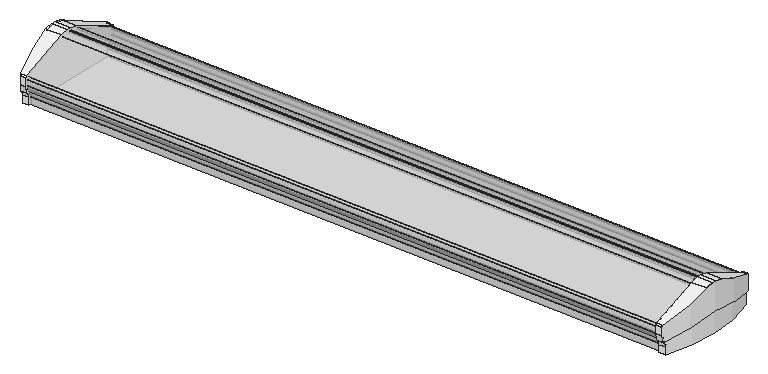
Revit family "0044883 Lighting Fixture_Sylvania_DeltaWing-LED-Electronic_Ceiling Surface", category Lighting Fixtures, host Face, Revit 2017
Family settings
  Host = Face
  Round Connector Dimension = Use Diameter
  Part Type = Normal
  OmniClass Number = 23.80.70.11.17
  OmniClass Title = Specialized Lighting by Location or Use
  Cut with Voids When Loaded = No
  Light Source = Yes
  Shared = No
  Room Calculation Point = No
Parameters (values of type "DELTAWING LED40 DALI 4K 1200")
  Width = 200.0 mm
  Weight = 3.40 kg
  Wattage = 36 W
  built-in parameter 1150110 = 1 (stored number, unit not read)
  Voltage Comments = "UNV (Universal Voltage; 220-240 Volt)"  # constant formula
  Voltage = 230 V  # constant formula
  URL = "http://www.sylvania-lighting.com"
  built-in parameter 1114217 = 1 (stored number, unit not read)
  Tilt Angle = -90.00°
  built-in parameter 1150109 = 1 (stored number, unit not read)
  built-in parameter 1150134 = 12
  Ta Rating = "-10°C  to +25°C"  # constant formula
  built-in parameter 1150113 = 1 (stored number, unit not read)
  Product Page URL = "http://www.sylvania-lighting.com/product/en-int/products/0044883"
  Product Family = "DELTAWING LED - ELECTRONIC"  # constant formula
  Photometry Comments = ""
  Photometric Web File = "0044883_DELTAWINGLED40DALI4K1200-198070.ies"
  Life = "50 000h"  # constant formula
  Length = 1218.0 mm
  LOR = "100%"
  Inrush Current (max. quantity per 16A C breaker) = "20"  # constant formula
  IP Rating = "IP44"  # constant formula
  IK Rating = "IK08"  # constant formula
  Height = 85.0 mm
  Glow Wire Test = 850 °C  # constant formula
  Glare Control = "UGR<22"
  Emit from Line Length = Length - 2.0 mm * 29  # 1160.0 mm
  Electrical Protection = "Class I"  # constant formula
  Drive Current = "250mA"
  built-in parameter 1114216 [instance] = 1 (stored number, unit not read)
  Cap Material = Plastic_Sylvania_DeltaWing_White
  Model = "DELTAWING LED40 DALI 4K 1200"
  Manufacturer = "Feilo Sylvania"
  built-in parameter 1150105 = 1278.6 (stored number, unit not read)
  Lumens = 4029.84 lm
  built-in parameter 1150115 = 1 (stored number, unit not read)
  built-in parameter 1150137 = (empty or 0)
  built-in parameter 1150139 = (empty or 0)
  built-in parameter 1150112 = 1 (stored number, unit not read)
  built-in parameter 1150114 = 1 (stored number, unit not read)
  Lamp = "\tIntegrated LED"  # constant formula
  built-in parameter 1150132 = 2
  built-in parameter 1150102 = (empty or 0)
  built-in parameter 1150107 = 4000 (stored number, unit not read)
  built-in parameter 1150138 = (empty or 0)
  built-in parameter 1150106 = 12.786 (stored number, unit not read)
  CRI (Ra) = "> 80"  # constant formula
  Body Material = Steel_Sylvania_DeltaWing_White
  built-in parameter 1150104 = 10.4 (stored number, unit not read)
  Dimming Lamp Color Temperature Shift = <None>
  Diffuser Material = Polycarbonate_Sylvania_DeltaWing_Opal_4000K
  Description = "Low profile surface and suspended LED diffuser luminaire DeltaWing LED is perfect to fulfil a wide range of applications, including educational environments, medical buildings, storage facilities and circulation areas including stairwells High performance: delivers up to 7,260lm (luminaire lumen output on 4,000K version), and up to 102lm/W (total system efficiency) Available in neutral white (4,000K) and warm white (3,000K) Smooth Polycarbonate extruded diffuser provides high efficiency, while minimising glare Precision prisms designed to optimise light output and reduce glare Options of non-dimmable, DALI, 3 hour maintained Emergency and Integrated Microwave sensor as standard Integrated Microwave sensor mounted discretely behind the diffuser helps further reduce energy and maintenance bills Suitable for suspended mounting using wire suspension kit (to be ordered seperately) BESA box connection possibility standard on product Long lifetime: 50,000 hours life at 70% of the original output L70 Energy class: A++, A+, A"  # constant formula
  Default Elevation = 0.0 mm
  Color Filter = 16777215
  Catalog Number = "0044883 DELTAWING LED40 DALI 4K 1200"
  built-in parameter 1140040 [instance] = 1
  built-in parameter 1114218 = 1 (stored number, unit not read)
  built-in parameter 1150133 = 10 (stored number, unit not read)
  Assembly Code = "D5020200"
  Apparent Load = 36 VA
Reference planes
  plane 1 "Center (Front/Back)": y = 0
  plane 2 "Fixture Top": z = 0
  plane 3 "Center (Left/Right)": x = 0
  plane 4 "Fixture Left": x = -609
  plane 5 "Fixture Right": x = 609
  plane 6 "Fixture Back": y = 100
  plane 7 "Fixture Front": y = -100
  plane 8 "Cap left": x = -580
  plane 9 "Cap Right": x = 580
  plane 10 "Lamp Plane": z = 22
  plane 11 "Fixture Bottom": z = 85
  plane 12: y = 20
  plane 13: y = -20
Forms (mm)
  Extrusion 1, solid, material "Steel_Sylvania_DeltaWing_White" <- "Body Material", detail levels fine
    sketch origin (0, 0, 0) x (0, 1, 0) y (0, 0, 1)
      loop
        line (-88.5, 0) -> (88.5, 0) -> (88.5, 13.239) -> (90.848, 22) -> (88.777, 22) -> (86.5, 13.502) -> (86.5, 2) -> (-86.5, 2) -> (-86.5, 13.502) -> (-88.777, 22) -> (-90.848, 22) -> (-88.5, 13.239) -> (-88.5, 0)
    from -580 to 580
  Extrusion 2, solid, material "Polycarbonate_Sylvania_DeltaWing_Opal_4000K" <- "Diffuser Material", detail levels fine
    sketch origin (0, 0, 0) x (0, 1, 0) y (0, 0, 1)
      loop
        line (96, 33.502) -> (94.018, 26.104) -> (92.041, 26.455) -> (88.5, 13.239) -> (88.5, 0) -> (90.5, 0) -> (90.5, 12.975) -> (93.498, 24.165) -> (95.475, 23.815) -> (98, 33.238) -> (98, 44.42)
        arc (98, 44.42) -> (97.319, 46.653) -> (95.506, 48.125) r 4
        line (95.506, 48.125) -> (16.971, 80.055)
        arc (16.971, 80.055) -> (9.581, 82.257) -> (1.906, 83) r 40
        line (1.906, 83) -> (-1.906, 83)
        arc (-1.906, 83) -> (-9.581, 82.257) -> (-16.971, 80.055) r 40
        line (-16.971, 80.055) -> (-95.506, 48.125)
        arc (-95.506, 48.125) -> (-97.319, 46.653) -> (-98, 44.42) r 4
        line (-98, 44.42) -> (-98, 33.238) -> (-95.475, 23.815) -> (-93.498, 24.165) -> (-90.5, 12.975) -> (-90.5, 0) -> (-88.5, 0) -> (-88.5, 13.239) -> (-92.041, 26.455) -> (-94.018, 26.104) -> (-96, 33.502) -> (-96, 43.074)
        arc (-96, 43.074) -> (-95.319, 45.307) -> (-93.506, 46.779) r 4
        line (-93.506, 46.779) -> (-15.978, 78.299)
        arc (-15.978, 78.299) -> (-9.922, 80.17) -> (-3.638, 81) r 37.685
        line (-3.638, 81) -> (3.638, 81)
        arc (3.638, 81) -> (9.922, 80.17) -> (15.978, 78.299) r 37.685
        line (15.978, 78.299) -> (93.506, 46.779)
        arc (93.506, 46.779) -> (95.319, 45.307) -> (96, 43.074) r 4
        line (96, 43.074) -> (96, 33.502)
    from -580 to 580
  Extrusion 3, solid, material "Steel_Sylvania_DeltaWing_White" <- "Body Material", detail levels coarse+medium
    sketch origin (0, 0, 0) x (0, 1, 0) y (0, 0, 1)
      loop
        line (-16.971, 80.055) -> (-95.506, 48.125)
        arc (-95.506, 48.125) -> (-97.319, 46.653) -> (-98, 44.42) r 4
        line (-98, 44.42) -> (-98, 33.238) -> (-95.475, 23.815) -> (-93.498, 24.165) -> (-90.5, 12.975) -> (-90.5, 0) -> (90.5, 0) -> (90.5, 12.975) -> (93.498, 24.165) -> (95.475, 23.815) -> (98, 33.238) -> (98, 44.42)
        arc (98, 44.42) -> (97.319, 46.653) -> (95.506, 48.125) r 4
        line (95.506, 48.125) -> (16.971, 80.055)
        arc (16.971, 80.055) -> (9.581, 82.257) -> (1.906, 83) r 40
        line (1.906, 83) -> (-1.906, 83)
        arc (-1.906, 83) -> (-9.581, 82.257) -> (-16.971, 80.055) r 40
    from -580 to 580
Dimensions and locks
  equal spacing: plane 4 "Fixture Left", plane 3 "Center (Left/Right)", plane 5 "Fixture Right"
  "Length": plane 4 "Fixture Left" to plane 5 "Fixture Right"
  locked: plane 4 "Fixture Left" to plane 8 "Cap left" at 29
  locked: plane 9 "Cap Right" to plane 5 "Fixture Right" at 29
  "Height": plane 11 "Fixture Bottom" to plane 2 "Fixture Top"
  equal spacing: plane 6 "Fixture Back", plane 1 "Center (Front/Back)", plane 7 "Fixture Front"
  "Width": plane 6 "Fixture Back" to plane 7 "Fixture Front"
  equal spacing: plane 12, plane 1 "Center (Front/Back)", plane 13
  locked: Extrusion 1 sketch curve to Extrusion 1 sketch curve at 2
  locked: plane 10 "Lamp Plane" to Extrusion 1 sketch curve at 8.498  (x2)
  aligned and locked: level to host face
  aligned and locked: nested 1 to plane 1 "Center (Front/Back)"
  aligned and locked: nested 1 to plane 5 "Fixture Right"
  aligned and locked: nested 2 to plane 4 "Fixture Left"
  aligned and locked: plane 2 "Fixture Top" to Extrusion 1 sketch curve
  aligned and locked: Extrusion 1 to plane 8 "Cap left"
  aligned and locked: plane 9 "Cap Right" to Extrusion 1
  aligned and locked: Extrusion 2 to plane 8 "Cap left"
  aligned and locked: plane 9 "Cap Right" to Extrusion 2
  aligned and locked: Extrusion 3 sketch curve to Extrusion 2  (x2)
  aligned and locked: Extrusion 3 to plane 8 "Cap left"
  aligned and locked: plane 9 "Cap Right" to Extrusion 3
  aligned and locked: plane 2 "Fixture Top" to nested 2
  aligned and locked: nested 1 to plane 2 "Fixture Top"
  aligned and locked: plane 10 "Lamp Plane" to Extrusion 1 sketch curve  (x2)
  aligned and locked: Extrusion 3 sketch curve to plane 2 "Fixture Top"
  aligned and locked: plane 2 "Fixture Top" to Extrusion 2 sketch curve
  aligned and locked: Extrusion 2 sketch curve to plane 2 "Fixture Top"
  aligned and locked: imposter light to plane 1 "Center (Front/Back)"
  aligned and locked: plane 3 "Center (Left/Right)" to imposter light
  aligned and locked: plane 11 "Fixture Bottom" to imposter light
Automatic sketch dimensions
  host sketch curve to host sketch curve = 1713.741 mm
  host sketch curve to host sketch curve = 1283.632 mm
  plane 7 "Fixture Front" to Extrusion 2 sketch curve = 2.0 mm
  Extrusion 2 sketch curve to plane 10 "Lamp Plane" = 9.025 mm  (x2)
  Extrusion 2 sketch curve to Extrusion 2 sketch curve = 2.0 mm  (x8)
  Extrusion 2 sketch curve to Extrusion 2 sketch curve = 2.494 mm
  plane 10 "Lamp Plane" to Extrusion 2 sketch curve = 1.815 mm  (x2)
  plane 7 "Fixture Front" to Extrusion 2 sketch curve = 4.525 mm
  Extrusion 2 sketch curve to Extrusion 2 sketch curve = 1.457 mm  (x2)
  plane 10 "Lamp Plane" to Extrusion 2 sketch curve = 2.165 mm  (x2)
  Extrusion 2 sketch curve to Extrusion 2 sketch curve = 0.52 mm
  Extrusion 2 sketch curve to Extrusion 2 sketch curve = 1.977 mm  (x3)
  plane 7 "Fixture Front" to Extrusion 2 sketch curve = 9.5 mm
  plane 13 to Extrusion 2 sketch curve = 3.029 mm
  Extrusion 2 sketch curve to Extrusion 2 sketch curve = 0.993 mm  (x2)
  plane 1 "Center (Front/Back)" to Extrusion 2 sketch curve = 3.638 mm
  plane 1 "Center (Front/Back)" to Extrusion 2 sketch curve = 1.906 mm
  Extrusion 2 sketch curve to plane 1 "Center (Front/Back)" = 1.906 mm
  Extrusion 2 sketch curve to Extrusion 2 sketch curve = 1.732 mm
  plane 12 to Extrusion 2 sketch curve = 4.022 mm
  Extrusion 2 sketch curve to plane 6 "Fixture Back" = 11.5 mm
  Extrusion 2 sketch curve to plane 6 "Fixture Back" = 7.959 mm
  Extrusion 2 sketch curve to plane 6 "Fixture Back" = 6.494 mm
  Extrusion 2 sketch curve to plane 6 "Fixture Back" = 4.0 mm
  Extrusion 2 sketch curve to plane 6 "Fixture Back" = 2.0 mm
  Extrusion 2 sketch curve to Extrusion 2 sketch curve = 0.041 mm  (x2)
  Extrusion 2 sketch curve to Extrusion 2 sketch curve = 1.506 mm
  Extrusion 2 sketch curve to Extrusion 2 sketch curve = 0.494 mm
  Extrusion 2 sketch curve to Extrusion 2 sketch curve = 0.263 mm  (x4)
  Extrusion 2 sketch curve to Extrusion 2 sketch curve = 1.939 mm  (x2)
  Extrusion 2 sketch curve to Extrusion 2 sketch curve = 0.351 mm  (x2)
  Extrusion 2 sketch curve to Extrusion 2 sketch curve = 7.134 mm  (x2)
  Extrusion 2 sketch curve to Extrusion 2 sketch curve = 9.572 mm  (x2)
  Extrusion 2 sketch curve to Extrusion 2 sketch curve = 1.346 mm  (x2)
  Extrusion 2 sketch curve to plane 11 "Fixture Bottom" = 6.701 mm
  Extrusion 2 sketch curve to Extrusion 2 sketch curve = 0.0 mm
  Extrusion 2 sketch curve to Extrusion 2 sketch curve = 1.755 mm  (x2)
  Extrusion 2 sketch curve to Extrusion 2 sketch curve = 2.701 mm
  Extrusion 1 sketch curve to Extrusion 1 sketch curve = 2.0 mm  (x2)
  Extrusion 1 sketch curve to Extrusion 1 sketch curve = 0.263 mm  (x2)
  Extrusion 1 sketch curve to Extrusion 1 sketch curve = 2.071 mm  (x2)
  plane 7 "Fixture Front" to Extrusion 1 sketch curve = 9.152 mm
  plane 13 to Extrusion 3 sketch curve = 3.029 mm
  Extrusion 3 sketch curve to Extrusion 3 sketch curve = 1.506 mm  (x2)
  Extrusion 3 sketch curve to Extrusion 3 sketch curve = 11.181 mm  (x2)
  plane 10 "Lamp Plane" to Extrusion 3 sketch curve = 1.815 mm  (x2)
  plane 7 "Fixture Front" to Extrusion 3 sketch curve = 4.525 mm
  plane 10 "Lamp Plane" to Extrusion 3 sketch curve = 2.165 mm  (x2)
  Extrusion 3 sketch curve to Extrusion 3 sketch curve = 1.977 mm  (x2)
  plane 7 "Fixture Front" to Extrusion 3 sketch curve = 9.5 mm
  Extrusion 3 sketch curve to plane 10 "Lamp Plane" = 9.025 mm  (x2)
  plane 1 "Center (Front/Back)" to Extrusion 3 sketch curve = 1.906 mm
  plane 10 "Lamp Plane" to Extrusion 3 sketch curve = 21.0 mm
  plane 12 to Extrusion 3 sketch curve = 3.029 mm
  Extrusion 3 sketch curve to plane 1 "Center (Front/Back)" = 1.906 mm
  Extrusion 3 sketch curve to plane 6 "Fixture Back" = 4.494 mm
  Extrusion 3 sketch curve to Extrusion 3 sketch curve = 0.0 mm
  plane 10 "Lamp Plane" to Extrusion 3 sketch curve = 26.125 mm
  Extrusion 3 sketch curve to plane 6 "Fixture Back" = 2.0 mm
  Extrusion 3 sketch curve to plane 6 "Fixture Back" = 4.525 mm
  Extrusion 3 sketch curve to plane 6 "Fixture Back" = 9.5 mm
  Extrusion 1 sketch curve to plane 6 "Fixture Back" = 11.223 mm
  plane 7 "Fixture Front" to Extrusion 1 sketch curve = 11.5 mm
  Extrusion 1 sketch curve to plane 6 "Fixture Back" = 13.5 mm
Nested families
  nested 1: "Cap" at (580, 0, 0) x (0, 1, 0) z (0, 0, 1), type "Type"
  nested 2: "Cap" at (-580, 0, 0) x (0, 1, 0) z (0, 0, 1), type "Type"
Connectors
  electrical at (0, 0, 0), driven by "Voltage", driven by "Apparent Load"
    settings: on Extrusion 1, index 1, voltage 230 V, apparent load 0 VA, apparent load phase1 36 VA, apparent load phase2 0 VA, apparent load phase3 0 VA, power factor 1, load classification "Lighting", number of poles 1, system type 31, power factor state 1, is connector primary yes, connector utility no, sub classification motor no, connector description ""
Definition of nested family "Cap"
  Parameters
    Height = 85.0 mm
    Width = 200.0 mm
    Default Elevation = 0.0 mm
    Cap Material = none
  Reference planes
    plane 1 "Center (Front/Back)": y = 0
    plane 2: z = 0
    plane 3 "Center (Left/Right)": x = 0
    plane 4: x = 100
    plane 5: x = -100
    plane 6: y = -29
    plane 7: y = -10
    plane 8: z = 85
    plane 9: z = 17
    plane 10: z = 22
    plane 11: z = 37
  Forms (mm)
    Extrusion 1, solid, material <- "Cap Material"
      sketch origin (0, 0, 0) x (1, 0, 0) y (0, 1, 0)
        loop
          line (-100, 0) -> (-100, -10)
          arc (-100, -10) -> (0, -28.818) -> (100, -10) r 275.114
          line (100, -10) -> (100, 0) -> (-100, 0)
      from 0 to 85
    Extrusion 2, void
      sketch origin (0, 0, 0) x (1, 0, 0) y (0, 0, 1)
        loop
          line (-92.5, 0) -> (-92.5, 12.712) -> (-94.955, 21.876) -> (-96.887, 21.358) -> (-101.913, 40.115)
          arc (-101.913, 40.115) -> (-101.345, 45.755) -> (-97.183, 49.603) r 8
          line (-97.183, 49.603) -> (-17.481, 82.006)
          arc (-17.481, 82.006) -> (-8.901, 84.444) -> (0, 85) r 41.685
          arc (0, 85) -> (8.901, 84.444) -> (17.481, 82.006) r 41.685
          line (17.481, 82.006) -> (97.183, 49.603)
          arc (97.183, 49.603) -> (101.345, 45.755) -> (101.913, 40.115) r 8
          line (101.913, 40.115) -> (96.887, 21.358) -> (94.955, 21.876) -> (92.5, 12.712) -> (92.5, 0) -> (117.5, 0) -> (117.5, 106.013) -> (-117.5, 106.013) -> (-117.5, 0) -> (-92.5, 0)
      from 0 to 250
    Extrusion 3, void
      sketch origin (0, 0, 0) x (1, 0, 0) y (0, 0, 1)
        loop
          line (-94.955, 21.876) -> (-100, 20.524) -> (-100, 0) -> (100, 0) -> (100, 20.524) -> (94.955, 21.876) -> (10.419, 36.87)
          arc (10.419, 36.87) -> (0, 37.781) -> (-10.419, 36.87) r 60
          line (-10.419, 36.87) -> (-94.955, 21.876)
      from -68.585 to 250
    Extrusion 4, solid, material <- "Cap Material"
      sketch origin (0, 0, 0) x (1, 0, 0) y (0, 1, 0)
        loop
          line (-100, 0) -> (-100, -9.525)
          arc (-100, -9.525) -> (0.169, -27.445) -> (100, -7.727) r 275.114
          line (100, -7.727) -> (100, 0) -> (-100, 0)
      from 0 to 85
    Extrusion 5, void
      sketch origin (0, 0, 0) x (1, 0, 0) y (0, 0, 1)
        loop
          line (-92.5, 0) -> (-92.5, 12.712) -> (-94.955, 21.876) -> (-96.887, 21.358) -> (-101.913, 40.115)
          arc (-101.913, 40.115) -> (-101.345, 45.755) -> (-97.183, 49.603) r 8
          line (-97.183, 49.603) -> (-17.481, 82.006)
          arc (-17.481, 82.006) -> (-8.901, 84.444) -> (0, 85) r 41.685
          arc (0, 85) -> (8.901, 84.444) -> (17.481, 82.006) r 41.685
          line (17.481, 82.006) -> (97.183, 49.603)
          arc (97.183, 49.603) -> (101.345, 45.755) -> (101.913, 40.115) r 8
          line (101.913, 40.115) -> (96.887, 21.358) -> (94.955, 21.876) -> (92.5, 12.712) -> (92.5, 0) -> (117.5, 0) -> (117.5, 106.013) -> (-117.5, 106.013) -> (-117.5, 0) -> (-92.5, 0)
      from 0 to 250
  Cuts and joins
    Extrusion 2, Extrusion 3, Extrusion 5 cuts Extrusion 1
    Extrusion 5 cuts Extrusion 4
    joined: Extrusion 1, Extrusion 4
  Dimensions and locks
    equal spacing: plane 5, plane 3 "Center (Left/Right)", plane 4
    "Width": plane 5 to plane 4
    locked: plane 1 "Center (Front/Back)" to plane 6 at 29
    plane 1 "Center (Front/Back)" to plane 7 = 10.0 mm
    "Height": plane 8 to level
    plane 9 to plane 2 = 17.0 mm
    plane 10 to plane 9 = 5.0 mm
    Extrusion 2 sketch curve to plane 5 = 7.5 mm
    aligned and locked: level to plane 2
    aligned and locked: plane 1 "Center (Front/Back)" to Extrusion 1 sketch curve
    aligned and locked: Extrusion 1 sketch curve to plane 5
    aligned and locked: Extrusion 1 sketch curve to plane 4
    aligned and locked: plane 7 to Extrusion 1 sketch curve  (x2)
    aligned and locked: Extrusion 1 to plane 2
    aligned and locked: plane 8 to Extrusion 1
  Automatic sketch dimensions
    Extrusion 1 sketch curve to plane 1 "Center (Front/Back)" = 246.296 mm
    Extrusion 2 sketch curve to plane 5 = 17.5 mm
    Extrusion 2 sketch curve to plane 9 = 4.288 mm
    Extrusion 2 sketch curve to plane 3 "Center (Left/Right)" = 0.0 mm
    Extrusion 2 sketch curve to plane 8 = 0.0 mm
    Extrusion 2 sketch curve to plane 5 = 1.913 mm
    plane 5 to Extrusion 2 sketch curve = 2.817 mm
    plane 10 to Extrusion 2 sketch curve = 0.642 mm  (x2)
    plane 5 to Extrusion 2 sketch curve = 3.113 mm
    plane 10 to Extrusion 2 sketch curve = 0.124 mm  (x2)
    Extrusion 2 sketch curve to plane 8 = 2.994 mm  (x2)
    Extrusion 2 sketch curve to plane 3 "Center (Left/Right)" = 17.481 mm
    plane 3 "Center (Left/Right)" to Extrusion 2 sketch curve = 17.481 mm
    Extrusion 2 sketch curve to plane 4 = 7.5 mm
    Extrusion 2 sketch curve to plane 4 = 5.045 mm
    Extrusion 2 sketch curve to Extrusion 2 sketch curve = 1.932 mm
    Extrusion 2 sketch curve to plane 4 = 2.817 mm
    plane 4 to Extrusion 2 sketch curve = 1.913 mm
    plane 4 to Extrusion 2 sketch curve = 17.5 mm
    plane 5 to Extrusion 2 sketch curve = 5.814 mm
    Extrusion 2 sketch curve to plane 3 "Center (Left/Right)" = 1.865 mm
    plane 3 "Center (Left/Right)" to Extrusion 2 sketch curve = 1.865 mm
    Extrusion 2 sketch curve to plane 4 = 5.814 mm
    Extrusion 2 sketch curve to Extrusion 2 sketch curve = 9.488 mm  (x2)
    plane 8 to Extrusion 2 sketch curve = 21.013 mm
    Extrusion 2 sketch curve to level = 0.0 mm  (x2)
    Extrusion 3 sketch curve to plane 3 "Center (Left/Right)" = 0.0 mm
    plane 10 to Extrusion 3 sketch curve = 0.124 mm  (x2)
    Extrusion 3 sketch curve to plane 3 "Center (Left/Right)" = 10.419 mm
    plane 3 "Center (Left/Right)" to Extrusion 3 sketch curve = 10.419 mm
    plane 11 to Extrusion 3 sketch curve = 0.13 mm
    plane 10 to Extrusion 3 sketch curve = 1.476 mm  (x2)
    Extrusion 3 sketch curve to level = 0.0 mm
    Extrusion 3 sketch curve to plane 5 = 0.0 mm
    Extrusion 3 sketch curve to Extrusion 3 sketch curve = 22.219 mm
    plane 5 to Extrusion 3 sketch curve = 5.045 mm
    Extrusion 3 sketch curve to plane 4 = 5.045 mm
    plane 4 to Extrusion 3 sketch curve = 0.0 mm
    plane 1 "Center (Front/Back)" to Extrusion 4 sketch curve = 0.0 mm
    Extrusion 4 sketch curve to plane 5 = 0.0 mm
    Extrusion 4 sketch curve to plane 4 = 0.0 mm
    plane 7 to Extrusion 4 sketch curve = 2.273 mm
    plane 7 to Extrusion 4 sketch curve = 0.475 mm
    Extrusion 4 sketch curve to plane 1 "Center (Front/Back)" = 247.658 mm
    Extrusion 5 sketch curve to level = 0.0 mm  (x2)
    Extrusion 5 sketch curve to plane 5 = 17.5 mm
    Extrusion 5 sketch curve to plane 9 = 4.288 mm  (x2)
    Extrusion 5 sketch curve to plane 3 "Center (Left/Right)" = 0.0 mm
    Extrusion 5 sketch curve to plane 8 = 0.0 mm
    Extrusion 5 sketch curve to plane 5 = 1.913 mm
    plane 5 to Extrusion 5 sketch curve = 2.817 mm
    plane 10 to Extrusion 5 sketch curve = 0.642 mm  (x2)
    plane 5 to Extrusion 5 sketch curve = 3.113 mm
    plane 10 to Extrusion 5 sketch curve = 0.124 mm  (x2)
    Extrusion 5 sketch curve to Extrusion 5 sketch curve = 1.932 mm
    Extrusion 5 sketch curve to plane 8 = 2.994 mm  (x2)
    Extrusion 5 sketch curve to plane 3 "Center (Left/Right)" = 17.481 mm
    plane 3 "Center (Left/Right)" to Extrusion 5 sketch curve = 17.481 mm
    Extrusion 5 sketch curve to plane 4 = 7.5 mm
    Extrusion 5 sketch curve to plane 4 = 5.045 mm
    Extrusion 5 sketch curve to plane 4 = 2.817 mm
    plane 4 to Extrusion 5 sketch curve = 1.913 mm
    plane 4 to Extrusion 5 sketch curve = 17.5 mm
    plane 5 to Extrusion 5 sketch curve = 5.814 mm
    Extrusion 5 sketch curve to plane 3 "Center (Left/Right)" = 1.865 mm
    plane 3 "Center (Left/Right)" to Extrusion 5 sketch curve = 1.865 mm
    Extrusion 5 sketch curve to plane 4 = 5.814 mm
    Extrusion 5 sketch curve to Extrusion 5 sketch curve = 9.488 mm  (x2)
    plane 8 to Extrusion 5 sketch curve = 21.013 mm
